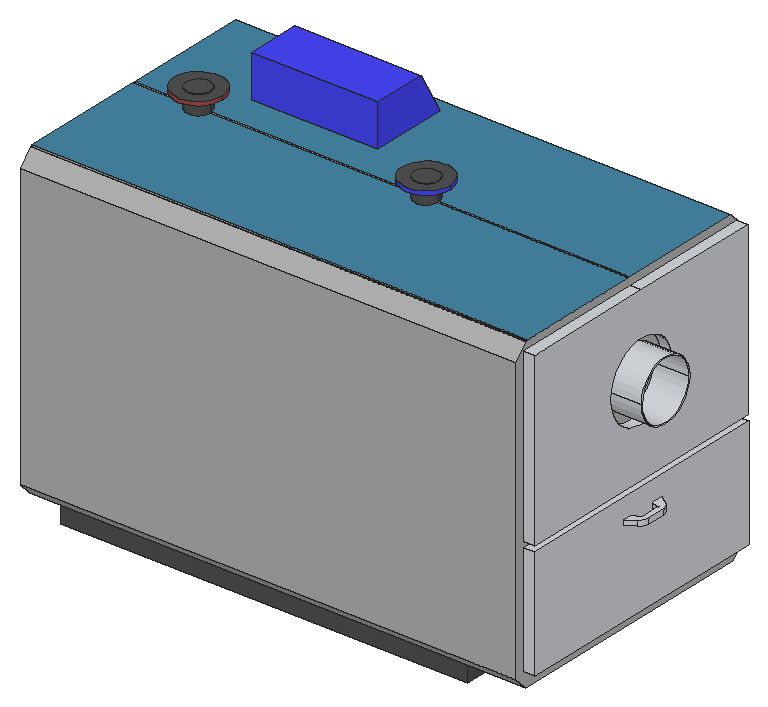
Revit family "YGNIS_Caldera de condensación LR", category Equipos mecánicos, Revit 2016
Family settings
  Tipo de pieza = Normal
  Cota de conector redondo = Diámetro de uso
  Número OmniClass = 23.75.00.00
  Título OmniClass = Climate Control (HVAC)
  Se basa en plano de trabajo = No
  Siempre vertical = Sí
  Corte con vacíos al cargar = No
  Compartido = No
  Punto de cálculo de habitación = No
Parameters (values of type "LR 23")
  ø empalme ida-retorno = g + 100 mm  # 200 mm
  l = 1695 mm
  k = 100 mm
  j = 950 mm
  i = 150 mm
  h = 1370 mm
  g = 100 mm
  f = 100 mm
  e. int = e - 5 mm  # 245 mm
  e. ext = e + 75 mm  # 325 mm
  e = 250 mm
  d2 = 1000 mm
  d1 = 690 mm
  c = 300 mm
  b = 1060 mm
  a = 145 mm
  Volumen de gas = 690.0 L
  Volumen = 650.0 L
  URL = "http://www.ygnis.es"
  Presión de servicio = 5.92 atm
  Potencia útil = 630 kW
  Peso = 1490.00 kg
  Modelo = "LR 23"
  L = 2240 mm
  H = 1450 mm
  Fabricante = "YGNIS Atlantic"
  Descripción = "Caldera de condensación con juego de turbuladores para los tubos de humos, para equipar con quemador presurizado de gas o gasóleo, homologada como baja temperatura según directiva 92/42 CE"  # constant formula
  Código de montaje = "D3020100"
  Contacto - teléfono = "902 45 45 22"
  Contacto - email = "ygnis.es@groupe-atlantic.com"
  B = 1180 mm
Types (6, lengths in mm): name | ø empalme ida-retorno | l | k | j | i | h | g | f | e. int | e. ext | e | d2 | d1 | c | b | Volumen de gas | Volumen | Potencia útil | Peso | Modelo | L | H | B
  LR 23 | 200 | 1695 | 100 | 950 | 150 | 1370 | 100 | 100 | 245 | 325 | 250 | 1000 | 690 | 300 | 1060 | 690.0 L | 650.0 L | 630 kW | 1490.00 kg | "LR 23" | 2240 | 1450 | 1180
  LR 24 | 200 | 1880 | 115 | 1150 | 200 | 1455 | 100 | 100 | 245 | 325 | 250 | 1055 | 740 | 335 | 1130 | 910.0 L | 790.0 L | 700 kW | 1810.00 kg | "LR 24" | 2460 | 1535 | 1250
  LR 25 | 200 | 1880 | 115 | 1150 | 200 | 1455 | 100 | 100 | 245 | 325 | 250 | 1055 | 740 | 335 | 1130 | 910.0 L | 790.0 L | 800 kW | 1810.00 kg | "LR 25" | 2460 | 1535 | 1250
  LR 26 | 200 | 1975 | 125 | 1150 | 200 | 1545 | 100 | 100 | 295 | 375 | 300 | 1115 | 790 | 345 | 1210 | 1100.0 L | 960.0 L | 895 kW | 2000.00 kg | "LR 26" | 2565 | 1625 | 1330
  LR 27 | 225 | 2314 | 110 | 1493 | 238 | 1650 | 125 | 80 | 345 | 425 | 350 | 1200 | 840 | 400 | 1300 | 1460.0 L | 1360.0 L | 1150 kW | 2460.00 kg | "LR 27" | 2939 | 1730 | 1420
  LR 28 | 225 | 2314 | 110 | 1493 | 238 | 1650 | 125 | 80 | 345 | 425 | 350 | 1200 | 840 | 400 | 1300 | 1460.0 L | 1360.0 L | 1300 kW | 2460.00 kg | "LR 28" | 2939 | 1730 | 1420
Reference planes
  plane 1 "Centro (Frontal/Posterior)": y = 0
  plane 2: z = 0
  plane 3 "Centro (Izquierda/Derecha)": x = 0
  plane 4 "Izquierda": x = -1120
  plane 5: y = 590
  plane 6: y = -590
  plane 7 "Derecha": x = 1120
  plane 8: x = -975
  plane 9: x = 720
  plane 10 "Tapa derecha": x = 1020
  plane 11: z = 75
  plane 12: y = 530
  plane 13: y = -530
  plane 14: x = -1095
  plane 15: x = 970
  plane 16: y = -557
  plane 17: y = 557
  plane 18 "H - ida / retorno": z = 1450
  plane 19 "ida": x = -825
  plane 20 "retorno": x = 125
  plane 21 "h - altura de bloqueo": z = 1370
  plane 22 "Quemador": z = 690
  plane 23: x = -1070
  plane 24: z = 1000
  plane 25 "Descarga izquierda": z = 100
  plane 26 "Mandos izquierda": x = -725
  plane 27 "Mandos derecha": x = -200
  plane 28 "Mandos post": y = 152.5
  plane 29 "Mandos front": y = 477.5
  plane 30 "Mandos medio": y = 377.5
  plane 31 "Mandos sup": z = 1545
  plane 32: x = -245
  plane 33: x = -680
  plane 34: z = 145
  plane 35 "Asas": z = 505
Forms (mm)
  Extrusion 1, solid
    sketch origin (0, 0, 0) x (1, 0, 0) y (0, 1, 0)
      loop
        line (-975, 530) -> (-975, -530) -> (720, -530) -> (720, 530) -> (-975, 530)
    from 0 to 100 <- "k"
  Sweep 2, solid, material "Gris"
    path origin (0, 0, 0) x (1, 0, 0) y (0, 1, 0)
      loop
        line (-1095, 0) -> (970, 0)
    profile origin (-62.5, 0, 0) x (0, 1, 0) y (0, 0, 1)
      loop
        line (-590, 126.414) -> (-538.586, 75) -> (538.586, 75) -> (590, 126.414) -> (590, 1307.06) -> (533.414, 1363.646) -> (530, 1363.646) -> (530, 1370) -> (5, 1370)
        arc (5, 1370) -> (1.464, 1368.536) -> (0, 1365) r 5
        arc (0, 1365) -> (-1.464, 1368.536) -> (-5, 1370) r 5
        line (-5, 1370) -> (-530, 1370) -> (-530, 1363.646) -> (-533.414, 1363.646) -> (-590, 1307.06) -> (-590, 126.414)
  Extrusion 3, solid
    sketch origin (1120, 0, 0) x (0, 1, 0) y (0, 0, 1)
      loop
        circle (0, 1000) r 125
      loop
        circle (0, 1000) r 122.5
    from 0 to -150
  Extrusion 4, solid
    sketch origin (1020, 0, 0) x (0, 1, 0) y (0, 0, 1)
      loop
        line (-557, 1339.5) -> (-557, 629.5) -> (557, 629.5) -> (557, 1339.5) -> (-1, 1339.5) -> (-557, 1339.5)
      loop
        line (-557, 145) -> (557, 145) -> (557, 604.907) -> (-557, 604.907) -> (-557, 145)
      loop
        circle (0, 1000) r 162.5
    from 0 to -50
  Extrusion 5, solid
    sketch origin (0, 0, 1450) x (-1, 0, 0) y (0, -1, 0)
      loop
        circle (825, 0) r 100
      loop
        circle (-125, 0) r 100
    from 0 to -15
  Extrusion 6, solid
    sketch origin (0, 0, 1450) x (-1, 0, 0) y (0, -1, 0)
      loop
        circle (825, 0) r 50
      loop
        circle (-125, 0) r 50
    from 0 to -80
  Sweep 7, solid
    path origin (0, 0, 690) x (0, 1, 0) y (-1, 0, 0)
      loop
        line (244.567, 1120) -> (237.399, 1095)
    profile origin (-1107.5, 240.983, 690) x (0.275637, 0.961262, 0) y (0, 0, 1)
      loop
        circle (0, 0) r 30
  Extrusion 8, solid
    sketch origin (-1120, 0, 0) x (0, 1, 0) y (0, 0, 1)
      loop
        line (197, 870) -> (191.204, 870) -> (187.103, 877.103) -> (180, 881.184) -> (180, 885) -> (-180, 885) -> (-180, 881.184) -> (-187.09, 877.09) -> (-191.184, 870) -> (-195, 870) -> (-195, 510) -> (-191.184, 510) -> (-187.09, 502.91) -> (-180, 498.816) -> (-180, 495) -> (182, 495) -> (182, 498.816) -> (189.103, 502.897) -> (193.204, 510) -> (197, 510) -> (197, 870)
      loop
        circle (42.705, 849.378) r 7.5
      loop
        circle (127.674, 817.674) r 7.5
      loop
        circle (159.378, 647.295) r 7.5
      loop
        circle (127.674, 562.326) r 7.5
      loop
        circle (-42.705, 530.622) r 7.5
      loop
        circle (-127.674, 562.326) r 7.5
      loop
        circle (-159.378, 732.705) r 7.5
      loop
        circle (-127.674, 817.674) r 7.5
      loop
        circle (0, 690) r 145
    from 0 to 25
  Extrusion 9, void
    sketch origin (-1120, 0, 0) x (0, 1, 0) y (0, 0, 1)
      loop
        circle (0, 690) r 145
    from 0 to 50
  Extrusion 10, void
    sketch origin (-1120, 0, 0) x (0, 1, 0) y (0, 0, 1)
      loop
        line (-530, 1201.5) -> (-530, 1338.646) -> (-532, 1338.646) -> (-532, 1186.232) -> (-515, 1186.232) -> (-515, 75) -> (515, 75) -> (515, 1186.498) -> (531.266, 1186.498)
        arc (531.266, 1186.498) -> (531.973, 1186.791) -> (532.266, 1187.498) r 1
        line (532.266, 1187.498) -> (532.266, 1361.498) -> (529, 1361.498) -> (529, 1201.5) -> (-530, 1201.5)
      loop
        line (-494, 165) -> (494, 165) -> (494, 171) -> (500, 171) -> (500, 1184) -> (494, 1184) -> (494, 1190) -> (-494, 1190) -> (-494, 1183.981) -> (-500, 1184) -> (-500, 171) -> (-494, 171) -> (-494, 165)
    from 0 to 50
  Extrusion 11, solid
    sketch origin (-1120, 0, 0) x (0, 1, 0) y (0, 0, 1)
      loop
        circle (0, 100) r 25
    from 0 to 50
  Extrusion 12, solid
    sketch origin (-200, 0, 0) x (0, 1, 0) y (0, 0, 1)
      loop
        line (152.5, 1370) -> (477.5, 1370) -> (377.5, 1545) -> (152.5, 1545) -> (152.5, 1370)
    from 0 to -525
  Extrusion 13, solid
    sketch origin (-200, 0, 0) x (0, 1, 0) y (0, 0, 1)
      loop
        line (399.634, 1506.266) -> (447.809, 1421.96) -> (460.553, 1429.243)
        arc (460.553, 1429.243) -> (438.999, 1472.854) -> (412.124, 1513.404) r 385.5
        line (412.124, 1513.404) -> (399.634, 1506.266)
    from -45 to -480
  Extrusion 14, solid
    sketch origin (-270, 0, 505) x (0, -1, 0) y (1, 0, 0)
      loop
        line (-101.798, 1290) -> (-55, 1290) -> (-43.14, 1325.581)
        arc (-43.14, 1325.581) -> (-41.32, 1328.056) -> (-38.396, 1329) r 5
        line (-38.396, 1329) -> (38.396, 1329)
        arc (38.396, 1329) -> (41.32, 1328.056) -> (43.14, 1325.581) r 5
        line (43.14, 1325.581) -> (55, 1290) -> (99, 1290) -> (71.258, 1332.034)
        arc (71.258, 1332.034) -> (56.829, 1345.223) -> (37.873, 1350) r 40
        line (37.873, 1350) -> (-40.671, 1350)
        arc (-40.671, 1350) -> (-59.627, 1345.223) -> (-74.055, 1332.034) r 40
        line (-74.055, 1332.034) -> (-101.798, 1290)
    from 0 to 20
Cuts and joins
  Extrusion 9, Extrusion 10 cuts Sweep 2
  Extrusion 9 cuts Extrusion 8
  Extrusion 10 cuts Extrusion 1
Lines and regions (mm)
  Split face 1
    outline origin (-1095, -590, 126.414) x (1, 0, 0) y (0, 0, 1)
      loop
        line (1032.5, 1180.646) -> (1032.5, 0)
  Split face 2
    outline origin (-1095, 590, 1307.06) x (1, 0, 0) y (0, 0, -1)
      loop
        line (1032.5, 0) -> (1032.5, 1180.646)
Dimensions and locks
  equal spacing: plane 4 "Izquierda", plane 3 "Centro (Izquierda/Derecha)", plane 7 "Derecha"
  "L": plane 4 "Izquierda" to plane 7 "Derecha"
  equal spacing: plane 5, plane 1 "Centro (Frontal/Posterior)", plane 6
  "B": plane 5 to plane 6
  "a": plane 4 "Izquierda" to plane 8
  "l": plane 8 to plane 9
  "c": plane 9 to plane 10 "Tapa derecha"
  equal spacing: plane 12, plane 1 "Centro (Frontal/Posterior)", plane 13
  "b": plane 12 to plane 13
  locked: plane 4 "Izquierda" to plane 14 at 25
  locked: plane 15 to plane 10 "Tapa derecha" at 50
  locked: plane 6 to plane 16 at 33
  locked: plane 17 to plane 5 at 33
  "H": plane 18 "H - ida / retorno" to level
  "i": plane 19 "ida" to plane 8
  "j": plane 20 "retorno" to plane 19 "ida"
  "h": plane 21 "h - altura de bloqueo" to level
  "d1": plane 22 "Quemador" to level
  locked: plane 4 "Izquierda" to plane 23 at 50
  equal spacing: cut or joined group of Extrusion 8, Extrusion 9, plane 22 "Quemador", cut or joined group of Extrusion 8, Extrusion 9, locked at 195 each
  cut or joined group of Extrusion 8, Extrusion 9 to cut or joined group of Extrusion 8, Extrusion 9 = 392 mm
  "d2": plane 24 to level
  plane 10 "Tapa derecha" to plane 7 "Derecha" = 100 mm
  "k": plane 25 "Descarga izquierda" to level
  locked: plane 26 "Mandos izquierda" to plane 19 "ida" at 100
  locked: plane 27 "Mandos derecha" to plane 26 "Mandos izquierda" at 525
  locked: plane 5 to plane 29 "Mandos front" at 112.5
  locked: plane 30 "Mandos medio" to plane 29 "Mandos front" at 100
  locked: plane 30 "Mandos medio" to plane 28 "Mandos post" at 225
  locked: plane 31 "Mandos sup" to plane 21 "h - altura de bloqueo" at 175
  locked: plane 26 "Mandos izquierda" to plane 33 at 45
  locked: plane 32 to plane 27 "Mandos derecha" at 45
  locked: plane 11 to plane 2 at 75
  locked: plane 34 to level at 145
  locked: plane 22 "Quemador" to plane 35 "Asas" at 185
  "ø empalme ida-retorno": diameter of Extrusion 5 sketch curve  (x2)
  "g": diameter of Extrusion 6 sketch curve  (x2)
  "e": diameter of Extrusion 3 sketch curve
  "e. int": diameter of Extrusion 3 sketch curve
  "e. ext": diameter of Extrusion 4 sketch curve
  aligned and locked: level to plane 2
  aligned and locked: Extrusion 1 sketch curve to plane 12
  aligned and locked: plane 8 to Extrusion 1 sketch curve
  aligned and locked: Extrusion 1 sketch curve to plane 13
  aligned and locked: Extrusion 1 sketch curve to plane 9
  aligned and locked: plane 1 "Centro (Frontal/Posterior)" to Sweep 2 sketch curve
  aligned and locked: plane 14 to Sweep 2 sketch curve
  aligned and locked: Sweep 2 sketch curve to plane 6
  aligned and locked: Sweep 2 sketch curve to plane 5
  aligned and locked: Sweep 2 sketch curve to plane 11
  aligned and locked: plane 5 to Sweep 2 sketch curve
  aligned and locked: Extrusion 3 to plane 15
  aligned and locked: plane 15 to Sweep 2 sketch curve
  aligned and locked: Extrusion 4 to plane 15
  aligned and locked: Sweep 2 sketch curve to plane 21 "h - altura de bloqueo"
  aligned and locked: plane 21 "h - altura de bloqueo" to Sweep 2 sketch curve
  aligned and locked: Sweep 2 sketch curve to plane 12
  aligned and locked: Extrusion 6 to plane 21 "h - altura de bloqueo"
  aligned and locked: plane 14 to Sweep 7 sketch curve
  aligned and locked: plane 14 to Extrusion 8
  aligned and locked: Extrusion 9 to plane 23
  aligned and locked: Extrusion 10 sketch curve to plane 11
  aligned and locked: Extrusion 10 to plane 23
  aligned and locked: Extrusion 11 to plane 23
  aligned and locked: plane 28 "Mandos post" to Extrusion 12 sketch curve
  aligned and locked: Extrusion 12 sketch curve to plane 31 "Mandos sup"
  aligned and locked: plane 31 "Mandos sup" to Extrusion 12 sketch curve
  aligned and locked: plane 21 "h - altura de bloqueo" to Extrusion 12 sketch curve
  aligned and locked: Extrusion 12 to plane 26 "Mandos izquierda"
  aligned and locked: Extrusion 13 sketch curve to Extrusion 12
  aligned and locked: plane 33 to Extrusion 13
  aligned and locked: plane 32 to Extrusion 13
  aligned and locked: plane 29 "Mandos front" to nested 1
  aligned and locked: plane 13 to Sweep 2 sketch curve
  aligned and locked: plane 34 to Extrusion 4 sketch curve
  aligned and locked: Extrusion 14 sketch curve to plane 10 "Tapa derecha"  (x2)
Automatic sketch dimensions
  Sweep 7 sketch curve to plane 4 "Izquierda" = 0 mm
  Sweep 7 sketch curve to plane 22 "Quemador" = 0 mm
  Sweep 7 sketch curve to profile plane = 0 mm
  Extrusion 9 sketch curve to plane 22 "Quemador" = 0 mm
  Extrusion 9 sketch curve to plane 1 "Centro (Frontal/Posterior)" = 0 mm
  Extrusion 8 sketch curve to plane 1 "Centro (Frontal/Posterior)" = 0 mm
  Extrusion 8 sketch curve to plane 22 "Quemador" = 0 mm
  plane 1 "Centro (Frontal/Posterior)" to Extrusion 8 sketch curve = 42.705 mm
  plane 1 "Centro (Frontal/Posterior)" to Extrusion 8 sketch curve = 127.674 mm
  Extrusion 8 sketch curve to Extrusion 8 sketch curve = 84.969 mm  (x4)
  plane 22 "Quemador" to Extrusion 8 sketch curve = 42.705 mm
  Extrusion 8 sketch curve to Extrusion 8 sketch curve = 31.703 mm  (x4)
  Extrusion 8 sketch curve to Extrusion 8 sketch curve = 7.09 mm  (x4)
  Extrusion 8 sketch curve to Extrusion 8 sketch curve = 4.094 mm  (x4)
  Extrusion 8 sketch curve to Extrusion 8 sketch curve = 3.816 mm  (x3)
  Extrusion 8 sketch curve to plane 1 "Centro (Frontal/Posterior)" = 42.705 mm
  Extrusion 8 sketch curve to plane 1 "Centro (Frontal/Posterior)" = 127.674 mm
  Extrusion 8 sketch curve to plane 22 "Quemador" = 42.705 mm
  Extrusion 8 sketch curve to Extrusion 8 sketch curve = 7.103 mm  (x4)
  Extrusion 8 sketch curve to Extrusion 8 sketch curve = 4.101 mm  (x2)
  Extrusion 8 sketch curve to Extrusion 8 sketch curve = 3.796 mm
  Extrusion 8 sketch curve to plane 22 "Quemador" = 127.674 mm
  Extrusion 8 sketch curve to Extrusion 8 sketch curve = 52.326 mm  (x6)
  Extrusion 8 sketch curve to Extrusion 8 sketch curve = 4.081 mm  (x2)
  plane 22 "Quemador" to Extrusion 8 sketch curve = 127.674 mm
  Extrusion 10 sketch curve to plane 13 = 0 mm
  plane 13 to Extrusion 10 sketch curve = 2 mm
  Extrusion 10 sketch curve to plane 13 = 15 mm
  Extrusion 10 sketch curve to plane 13 = 30 mm
  Extrusion 10 sketch curve to Extrusion 10 sketch curve = 6 mm  (x6)
  Extrusion 10 sketch curve to plane 12 = 36 mm  (x2)
  Extrusion 10 sketch curve to plane 12 = 15 mm
  Extrusion 10 sketch curve to plane 12 = 1 mm
  plane 12 to Extrusion 10 sketch curve = 1.266 mm
  Extrusion 10 sketch curve to Extrusion 10 sketch curve = 1 mm
  plane 25 "Descarga izquierda" to Extrusion 10 sketch curve = 65 mm
  Extrusion 10 sketch curve to Extrusion 10 sketch curve = 0.019 mm
  Extrusion 10 sketch curve to Extrusion 10 sketch curve = 2.232 mm
  Extrusion 10 sketch curve to Extrusion 10 sketch curve = 2.498 mm
  Extrusion 10 sketch curve to Extrusion 10 sketch curve = 14.002 mm
  Extrusion 10 sketch curve to plane 21 "h - altura de bloqueo" = 31.354 mm
  Extrusion 10 sketch curve to plane 21 "h - altura de bloqueo" = 8.502 mm
  Extrusion 11 sketch curve to plane 1 "Centro (Frontal/Posterior)" = 0 mm
  Extrusion 11 sketch curve to plane 25 "Descarga izquierda" = 0 mm
  Extrusion 12 sketch curve to plane 30 "Mandos medio" = 0 mm
  Extrusion 12 sketch curve to plane 29 "Mandos front" = 0 mm
  Extrusion 13 sketch curve to plane 28 "Mandos post" = 47.63 mm
  plane 30 "Mandos medio" to Extrusion 13 sketch curve = 34.624 mm
  plane 29 "Mandos front" to Extrusion 13 sketch curve = 16.947 mm
  Extrusion 13 sketch curve to Extrusion 13 sketch curve = 7.283 mm
  Extrusion 13 sketch curve to Extrusion 13 sketch curve = 7.138 mm
  Sweep 2 sketch curve to profile plane = 0 mm  (x2)
  Sweep 2 sketch curve to Sweep 2 sketch curve = 51.414 mm  (x4)
  Sweep 2 sketch curve to Sweep 2 sketch curve = 3.414 mm  (x2)
  profile plane to Sweep 2 sketch curve = 5 mm
  Sweep 2 sketch curve to Sweep 2 sketch curve = 5 mm
  Sweep 2 sketch curve to Sweep 2 sketch curve = 62.94 mm
  Sweep 2 sketch curve to Sweep 2 sketch curve = 6.354 mm  (x2)
  Sweep 2 sketch curve to Sweep 2 sketch curve = 56.586 mm
  plane 28 "Mandos post" to Sweep 7 sketch curve = 84.899 mm
  Sweep 7 sketch curve to Sweep 7 sketch curve = 7.169 mm
  plane 28 "Mandos post" to Extrusion 8 sketch curve = 27.5 mm
  plane 28 "Mandos post" to Extrusion 8 sketch curve = 29.5 mm
  plane 1 "Centro (Frontal/Posterior)" to Extrusion 9 sketch curve = 145 mm
  Extrusion 10 sketch curve to Extrusion 10 sketch curve = 154.665 mm
  Extrusion 10 sketch curve to Extrusion 10 sketch curve = 177.498 mm
  Extrusion 14 sketch curve to plane 28 "Mandos post" = 50.702 mm
  plane 10 "Tapa derecha" to Extrusion 14 sketch curve = 42.034 mm  (x2)
  Extrusion 14 sketch curve to Extrusion 14 sketch curve = 27.742 mm  (x2)
  Extrusion 14 sketch curve to Extrusion 14 sketch curve = 19.055 mm
  Extrusion 14 sketch curve to Extrusion 14 sketch curve = 11.86 mm
  Extrusion 14 sketch curve to Extrusion 14 sketch curve = 4.743 mm  (x2)
  plane 10 "Tapa derecha" to Extrusion 14 sketch curve = 34 mm
  plane 1 "Centro (Frontal/Posterior)" to Extrusion 14 sketch curve = 38.396 mm
  Extrusion 14 sketch curve to Extrusion 14 sketch curve = 0.523 mm
  Extrusion 14 sketch curve to Extrusion 14 sketch curve = 28.118 mm
  Extrusion 14 sketch curve to Extrusion 14 sketch curve = 14 mm
  Extrusion 14 sketch curve to Extrusion 14 sketch curve = 1.581 mm
  Extrusion 14 sketch curve to Extrusion 14 sketch curve = 17.127 mm
  Extrusion 14 sketch curve to Extrusion 14 sketch curve = 2.275 mm
  Extrusion 14 sketch curve to Extrusion 14 sketch curve = 20 mm
  Split face 1 sketch curve to cut or joined group of Sweep 2, Extrusion 9, Extrusion 10 = 0 mm  (x2)
  cut or joined group of Sweep 2, Extrusion 9, Extrusion 10 to Split face 1 sketch curve = 1032.5 mm
  Split face 2 sketch curve to cut or joined group of Sweep 2, Extrusion 9, Extrusion 10 = 0 mm  (x2)
  cut or joined group of Sweep 2, Extrusion 9, Extrusion 10 to Split face 2 sketch curve = 1032.5 mm
  Extrusion 3 sketch curve to Extrusion 3 sketch curve = 0 mm  (x2)
  Extrusion 3 sketch curve to plane 1 "Centro (Frontal/Posterior)" = 0 mm
  Extrusion 3 sketch curve to plane 24 = 0 mm
  Extrusion 4 sketch curve to plane 16 = 0 mm  (x2)
  Extrusion 4 sketch curve to plane 1 "Centro (Frontal/Posterior)" = 0 mm
  Extrusion 4 sketch curve to plane 17 = 0 mm  (x2)
  Extrusion 4 sketch curve to plane 24 = 0 mm
  plane 1 "Centro (Frontal/Posterior)" to Extrusion 4 sketch curve = 1 mm
  Extrusion 4 sketch curve to plane 22 "Quemador" = 85.093 mm
  Extrusion 4 sketch curve to Extrusion 4 sketch curve = 24.593 mm
  Extrusion 4 sketch curve to plane 21 "h - altura de bloqueo" = 30.5 mm
  plane 1 "Centro (Frontal/Posterior)" to Extrusion 5 sketch curve = 0 mm  (x2)
  Extrusion 5 sketch curve to plane 20 "retorno" = 0 mm
  Extrusion 5 sketch curve to plane 19 "ida" = 0 mm
  plane 1 "Centro (Frontal/Posterior)" to Extrusion 6 sketch curve = 0 mm  (x2)
  Extrusion 6 sketch curve to plane 20 "retorno" = 0 mm
  Extrusion 6 sketch curve to plane 19 "ida" = 0 mm
  radius of Sweep 7 sketch curve = 30 mm
  radius of Extrusion 8 sketch curve = 7.5 mm  (x8)
  radius of Extrusion 8 sketch curve = 145 mm
  radius of Extrusion 11 sketch curve = 25 mm
Nested families
  nested 1: "Familia2" at (-1095, 477.5, 1161.5) x (0, -1, 0) z (-1, 0, 0), type "Familia2"
Connectors
  piping at (125, 0, 1450), diameter 100, driven by "g"
    settings: on Extrusion 6, index 1, connector inside diameter 609.6 mm, connector length 0 mm, flow factor 0, pipe flow 0.0 L/s, pressure drop 0.0 Pa, fitting loss kfactor 0, connector angle 0.00°, fixture units 0, engagement length 0 mm, angle of deflection 0.00°, flow configuration 0, flow direction 1, fitting loss method 0, system type 20, joint type 0, gender type 0, connector reference index -1, connector utility 0, adjustable connector no, is connector primary yes, connector description ""
  piping at (-825, 0, 1450), diameter 100, driven by "g"
    settings: on Extrusion 6, index 2, connector inside diameter 609.6 mm, connector length 0 mm, flow factor 0, pipe flow 0.0 L/s, pressure drop 0.0 Pa, fitting loss kfactor 0, connector angle 0.00°, fixture units 0, engagement length 0 mm, angle of deflection 0.00°, flow configuration 0, flow direction 2, fitting loss method 0, system type 19, joint type 0, gender type 0, connector reference index -1, connector utility 0, adjustable connector no, is connector primary no, connector description ""
  hvac at (1120, 0, 1000), driven by "e"
    settings: on Extrusion 3, index 5, duct flow 0.0 L/s, flow factor 0, pres drop 0.0 atm, loss coef 0, conn angle 0.00°, conn width 304.8 mm, conn height 304.8 mm, conn diameter 250 mm, duct sys type 3, conn prof type 0, flow config 0, flow direction 2, loss method 0, conn ref index -1, conn util no, is conn primary yes, conn desc ""
Definition of nested family "Familia2"
  Parameters (values of type "Familia2")
    Default Elevation = 1219.2 mm
  Reference planes
    plane 1 "Centro (Frontal/Posterior)": y = 0
    plane 2: z = 0
    plane 3 "Centro (Izquierda/Derecha)": x = 0
  Forms (mm)
    Extrusion 1, solid
      sketch origin (0, 0, 0) x (1, 0, 0) y (0, 1, 0)
        loop
          line (-1219.2, 1219.2) -> (-1219.2, -1219.2) -> (1219.2, -1219.2) -> (1219.2, 1219.2) -> (-1219.2, 1219.2)
      from 0 to -304.8
  Dimensions and locks
    aligned and locked: plane 2 to Extrusion 1
    aligned and locked: level to Extrusion 1
